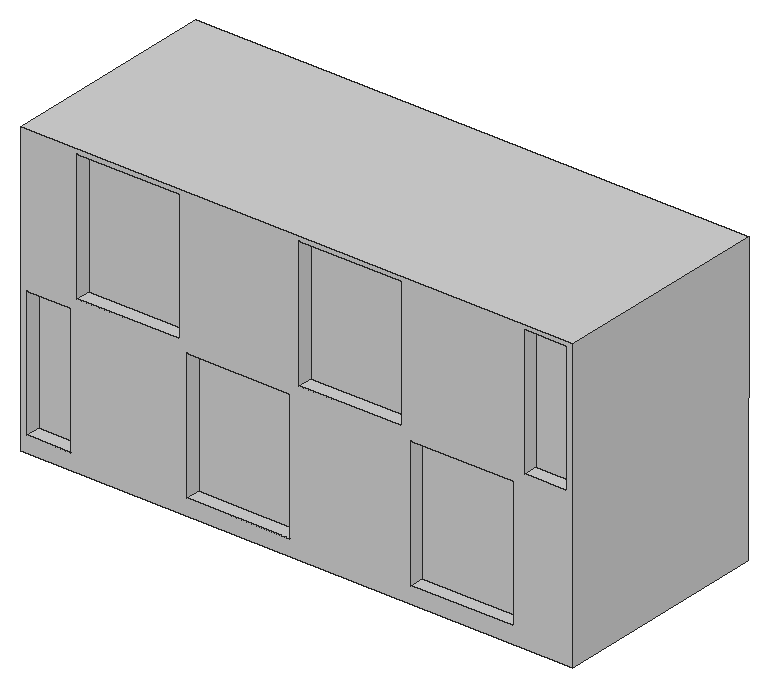
Revit family "SA 4H5W", category Mechanical Equipment, Revit 2019
Family settings
  Round Connector Dimension = Use Diameter
  Part Type = Normal
  OmniClass Number = 23.75.00.00
  OmniClass Title = Climate Control (HVAC)
  Work Plane-Based = No
  Always vertical = Yes
  Cut with Voids When Loaded = No
  Shared = No
  Room Calculation Point = No
Parameters (values of type "4H5W SA")
  Width = 5' - 4 1/2"
  Weight (lbs.) = "2479"
  URL = "www.renewaire.com"
  Model = "4H5W SA"
  Manufacturer = "Renewaire LLC"
  Length = 13' - 6 7/8"
  Housing = Metal - RenewAire - Anodized - Gray Text
  Height = 7' - 1 1/2"
  Description = "Energy Recovery Ventilator"
  Cores (L125-G5) = "20"
  Assembly Code = ""
  Airflow Range (CFM) = "5,000-22,000"
Reference planes (in)
  plane 1 "Center (Front/Back)": y = 0
  plane 2: z = 0
  plane 3 "Center (Left/Right)": x = 0
Forms (in)
  Extrusion 1, solid, material "Metal - RenewAire - Anodized - Gray Text" <- "Housing"
    sketch origin (0, -16.07731, 0) x (0, 1, 0) y (0, 0, 1)
      loop
        line (32.26413, 105.375) -> (-32.26413, 105.375) -> (-32.26413, 19.875) -> (32.26413, 19.875) -> (32.26413, 105.375)
    from 0 to 162.875
  Extrusion 2, void
    sketch origin (-0.33054, -14.11828, 19.50578) x (1, 0, 0) y (0, 0, 1)
      loop
        line (2.375, 43.5) -> (2.375, 5.25) -> (15.17072, 5.25) -> (15.17072, 43.5) -> (2.375, 43.5)
      loop
        line (49.50854, 43.5) -> (49.50854, 5.25) -> (79.83716, 5.25) -> (79.83716, 43.5) -> (49.50854, 43.5)
      loop
        line (47.32983, 84.75) -> (17.00122, 84.75) -> (17.00122, 46.5) -> (47.32983, 46.5) -> (47.32983, 84.75)
      loop
        line (82.52479, 84.75) -> (82.52479, 46.5) -> (112.77479, 46.5) -> (112.77479, 84.75) -> (82.52479, 84.75)
      loop
        line (115.375, 43.5) -> (115.375, 5.25) -> (145.625, 5.25) -> (145.625, 43.5) -> (115.375, 43.5)
      loop
        line (148.85585, 84.75) -> (148.85585, 46.5) -> (161.23085, 46.5) -> (161.23085, 84.75) -> (148.85585, 84.75)
    from 30 to 38.22316
  Extrusion 3, void
    sketch origin (-1.12484, 49.88172, -1.12139) x (1, 0, 0) y (0, 0, 1)
      loop
        line (3.17072, 64.13227) -> (3.17072, 25.88013) -> (15.96643, 25.88013) -> (15.96643, 64.13227) -> (3.17072, 64.13227)
      loop
        line (50.30426, 64.13227) -> (50.30426, 25.88013) -> (80.63287, 25.88013) -> (80.63287, 64.13227) -> (50.30426, 64.13227)
      loop
        line (48.12555, 105.38227) -> (17.79694, 105.38227) -> (17.79694, 67.13227) -> (48.12555, 67.13227) -> (48.12555, 105.38227)
      loop
        line (83.32051, 105.38227) -> (83.32051, 67.13227) -> (113.5691, 67.13227) -> (113.5691, 105.38227) -> (83.32051, 105.38227)
      loop
        line (146.41931, 64.12718) -> (116.16931, 64.12718) -> (116.16931, 25.87718) -> (146.41931, 25.87718) -> (146.41931, 64.12718)
      loop
        line (162.02515, 105.37718) -> (149.65015, 105.37718) -> (149.65015, 67.12718) -> (162.02515, 67.12718) -> (162.02515, 105.37718)
    from 30 to 38.22316
Cuts and joins
  Extrusion 2, Extrusion 3 cuts Extrusion 1
Dimensions and locks (in)
  aligned and locked: level to plane 2
